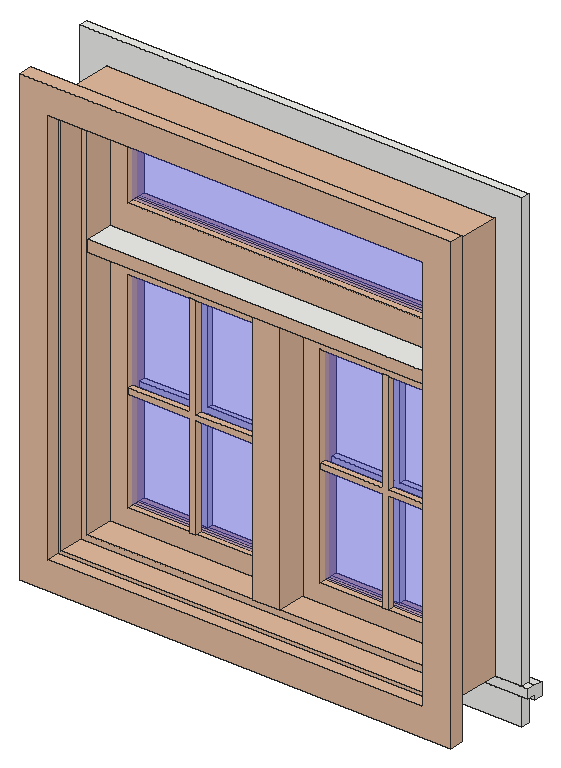
Revit family "M_Janela-batente-dupla-travessa", category Janelas, Revit 2019 (continued)
Types in the file's own list only (33): name | Meia largura | Transmissão de luz visual | Resistência térmica (R) | Coeficiente de ganho de calor solar | Largura bruta | Altura bruta | Altura da janela aberta | Visibilidade do montante | Padrão do montante | Altura | Coeficiente de transferência de calor (U) | Largura
  1200 x 1650mm | 600 mm | 0.81 | 0.3196 (m²·K)/W | 0.76 | 1215 mm | 1665 mm | 1350 mm | Sim | M_Padrão do montante_2x2 | 1650 mm | 3.1293 W/(m²·K) | 1200 mm
  1200 x 1800mm | 600 mm | 0.81 | 0.3196 (m²·K)/W | 0.76 | 1215 mm | 1815 mm | 1500 mm | Sim | M_Padrão do montante_2x2 | 1800 mm | 3.1293 W/(m²·K) | 1200 mm
  1400 x 600mm | 700 mm | 0.81 | 0.3196 (m²·K)/W | 0.76 | 1415 mm | 615 mm | 300 mm | Sim | M_Padrão do montante_2x2 | 600 mm | 3.1293 W/(m²·K) | 1400 mm
  1400 x 750mm | 700 mm | 0.81 | 0.3196 (m²·K)/W | 0.76 | 1415 mm | 765 mm | 450 mm | Sim | M_Padrão do montante_2x2 | 750 mm | 3.1293 W/(m²·K) | 1400 mm
  1400 x 900mm | 700 mm | 0.81 | 0.3196 (m²·K)/W | 0.76 | 1415 mm | 915 mm | 600 mm | Sim | M_Padrão do montante_2x2 | 900 mm | 3.1293 W/(m²·K) | 1400 mm
  1400 x 1050mm | 700 mm | 0.81 | 0.3196 (m²·K)/W | 0.76 | 1415 mm | 1065 mm | 750 mm | Sim | M_Padrão do montante_2x2 | 1050 mm | 3.1293 W/(m²·K) | 1400 mm
  1400 x 1200mm | 700 mm | 0.81 | 0.3196 (m²·K)/W | 0.76 | 1415 mm | 1215 mm | 900 mm | Sim | M_Padrão do montante_2x2 | 1200 mm | 3.1293 W/(m²·K) | 1400 mm
  1400 x 1350mm | 700 mm | 0.81 | 0.3196 (m²·K)/W | 0.76 | 1415 mm | 1365 mm | 1050 mm | Sim | M_Padrão do montante_2x2 | 1350 mm | 3.1293 W/(m²·K) | 1400 mm
  1400 x 1500mm | 700 mm | 0.81 | 0.3196 (m²·K)/W | 0.76 | 1415 mm | 1515 mm | 1200 mm | Sim | M_Padrão do montante_2x2 | 1500 mm | 3.1293 W/(m²·K) | 1400 mm
  1400 x 1650mm | 700 mm | 0.81 | 0.3196 (m²·K)/W | 0.76 | 1415 mm | 1665 mm | 1350 mm | Sim | M_Padrão do montante_2x2 | 1650 mm | 3.1293 W/(m²·K) | 1400 mm
  1400 x 1800mm | 700 mm | 0.81 | 0.3196 (m²·K)/W | 0.76 | 1415 mm | 1815 mm | 1500 mm | Sim | M_Padrão do montante_2x2 | 1800 mm | 3.1293 W/(m²·K) | 1400 mm
